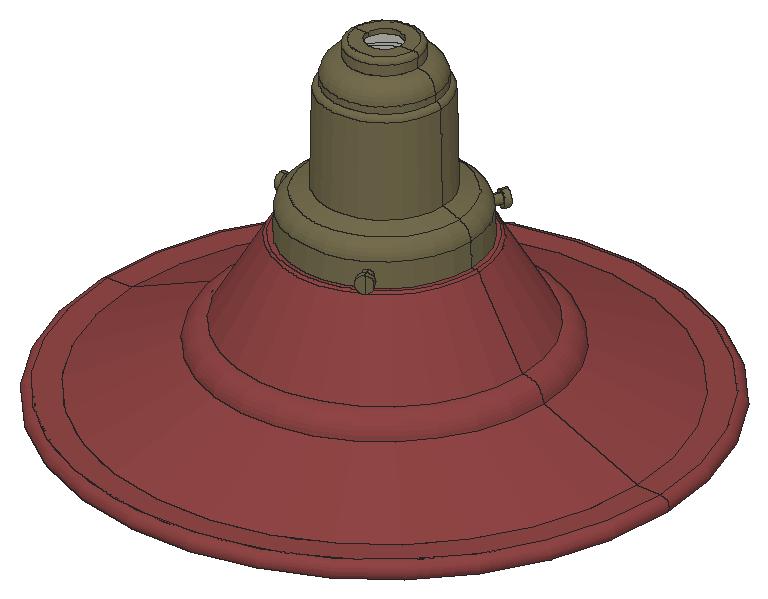
Revit family "S2H1 SHADE", category Lighting Fixtures, Revit 2024
Family settings
  Round Connector Dimension = Use Diameter
  Part Type = Normal
  OmniClass Number = 23.80.70.00
  OmniClass Title = Lighting
  Work Plane-Based = No
  Always vertical = Yes
  Cut with Voids When Loaded = No
  Light Source = Yes
  Maintain Annotation Orientation = No
  Shared = No
  Room Calculation Point = No
Parameters
  Wattage = 12.1178 W
  built-in parameter 1150110 = 1 (stored number, unit not read)
  built-in parameter 1114217 = 1 (stored number, unit not read)
  built-in parameter 1150109 = 1 (stored number, unit not read)
  built-in parameter 1150134 = (empty or 0)
  built-in parameter 1150113 = 1 (stored number, unit not read)
  Lumens = 1800 lm
  built-in parameter 1150115 = 1 (stored number, unit not read)
  built-in parameter 1150105 = 572.96 (stored number, unit not read)
  Light Source Symbol Size = 2' - 0"
  built-in parameter 1150137 = (empty or 0)
  built-in parameter 1150139 = (empty or 0)
  built-in parameter 1150112 = 1 (stored number, unit not read)
  built-in parameter 1150114 = 1 (stored number, unit not read)
  built-in parameter 1150132 = 2
  built-in parameter 1150102 = (empty or 0)
  built-in parameter 1150138 = (empty or 0)
  built-in parameter 1150107 = 3000 (stored number, unit not read)
  built-in parameter 1150106 = 5.7296 (stored number, unit not read)
  built-in parameter 1150104 = 13.8 (stored number, unit not read)
  Dimming Lamp Color Temperature Shift = (empty or 0)
  Default Elevation = 0' - 0"
  Color Filter = 16777215
  built-in parameter 1114218 = 1 (stored number, unit not read)
  built-in parameter 1150133 = 10 (stored number, unit not read)
Reference planes (in)
  plane 1 "Light Source Axis (F/B)": y = 0
  plane 2: z = 0
  plane 3 "Light Source Axis (L/R)": x = 0
  plane 4 "Light Source Elevation": z = 84
Forms (in)
  Revolve 1, solid
    sketch origin (0, 0, 0) x (1, 0, 0) y (0, 0, 1)
      loop
        line (-0.89231, 86.29236) -> (-1.37137, 86.29236)
        arc (-1.37137, 86.29236) -> (-1.39563, 86.28609) -> (-1.41381, 86.26884) r 0.05004
        line (-1.41381, 86.26884) -> (-2.075, 85.14236)
        arc (-2.075, 85.14236) -> (-2.28713, 85.0545) -> (-2.375, 84.84236) r 0.3
        line (-2.375, 84.84236) -> (-3.77052, 84.25) -> (-4.125, 84.25)
        arc (-4.125, 84.25) -> (-4.24724, 84.09888) -> (-4.07392, 84.01091) r 0.125
        line (-4.07392, 84.01091) -> (-2.27043, 84.77645)
        arc (-2.27043, 84.77645) -> (-2.22657, 84.98225) -> (-2.02494, 85.04245) r 0.20625
        line (-2.02494, 85.04245) -> (-1.34632, 86.19861) -> (-0.89231, 86.19861) -> (-0.89231, 86.29236)
      axis (0, 86.29236) -> (0, 84.01091)
    angle from 0 to 360
  Revolve 2, solid
    sketch origin (0, 0, 0) x (1, 0, 0) y (0, 0, 1)
      loop
        line (-0.25, 88.89486) -> (-0.43, 88.89486)
        arc (-0.43, 88.89486) -> (-0.4795, 88.87436) -> (-0.5, 88.82486) r 0.07
        line (-0.5, 88.82486) -> (-0.5, 88.68486)
        arc (-0.5, 88.68486) -> (-0.68708, 88.60737) -> (-0.76457, 88.42029) r 0.26457
        line (-0.76457, 88.42029) -> (-0.76457, 88.32449)
        arc (-0.76457, 88.32449) -> (-0.81932, 88.30181) -> (-0.842, 88.24706) r 0.07743
        line (-0.842, 88.24706) -> (-0.875, 86.96486) -> (-1.12093, 86.87535)
        arc (-1.12093, 86.87535) -> (-1.24281, 86.78351) -> (-1.2925, 86.6392) r 0.261
        line (-1.2925, 86.6392) -> (-1.30461, 86.29236) -> (-1.24207, 86.29236) -> (-1.23004, 86.63702)
        arc (-1.23004, 86.63702) -> (-1.19225, 86.74677) -> (-1.09955, 86.81662) r 0.1985
        line (-1.09955, 86.81662) -> (-0.81362, 86.92069) -> (-0.77952, 88.24546)
        arc (-0.77952, 88.24546) -> (-0.72476, 88.26814) -> (-0.70207, 88.3229) r 0.07745
        line (-0.70207, 88.3229) -> (-0.70207, 88.42029)
        arc (-0.70207, 88.42029) -> (-0.61875, 88.58379) -> (-0.4375, 88.61246) r 0.20207
        line (-0.4375, 88.61246) -> (-0.4375, 88.83236) -> (-0.25, 88.83236) -> (-0.25, 88.89486)
      axis (0, 88.89486) -> (0, 86.29236)
    angle from 0 to 360
  Revolve 3, solid
    sketch origin (0, 0, 0) x (1, 0, 0) y (0, 0, 1)
      loop
        line (-1.54717, 86.46501) -> (-1.30016, 86.46501) -> (-1.30016, 86.53518) -> (-1.46388, 86.53518) -> (-1.46388, 86.58194) -> (-1.54717, 86.58194) -> (-1.54717, 86.46501)
      axis (-1.30016, 86.46501) -> (-1.54717, 86.46501)
    angle from 0 to 360
  Revolve 4, solid
    sketch origin (0, 0, 0) x (-0.5, -0.866025, 0) y (0, 0, 1)
      loop
        line (-1.54717, 86.46501) -> (-1.30016, 86.46501) -> (-1.30016, 86.53518) -> (-1.46388, 86.53518) -> (-1.46388, 86.58194) -> (-1.54717, 86.58194) -> (-1.54717, 86.46501)
      axis (-1.30016, 86.46501) -> (-1.54717, 86.46501)
    angle from 0 to 360
  Revolve 5, solid
    sketch origin (0, 0, 0) x (-0.5, 0.866025, 0) y (0, 0, 1)
      loop
        line (-1.54717, 86.46501) -> (-1.30016, 86.46501) -> (-1.30016, 86.53518) -> (-1.46388, 86.53518) -> (-1.46388, 86.58194) -> (-1.54717, 86.58194) -> (-1.54717, 86.46501)
      axis (-1.30016, 86.46501) -> (-1.54717, 86.46501)
    angle from 0 to 360
Dimensions and locks (in)
  aligned and locked: plane 3 "Light Source Axis (L/R)" to imposter light
  aligned and locked: plane 1 "Light Source Axis (F/B)" to imposter light
  aligned and locked: plane 4 "Light Source Elevation" to imposter light
  aligned and locked: level to plane 2
